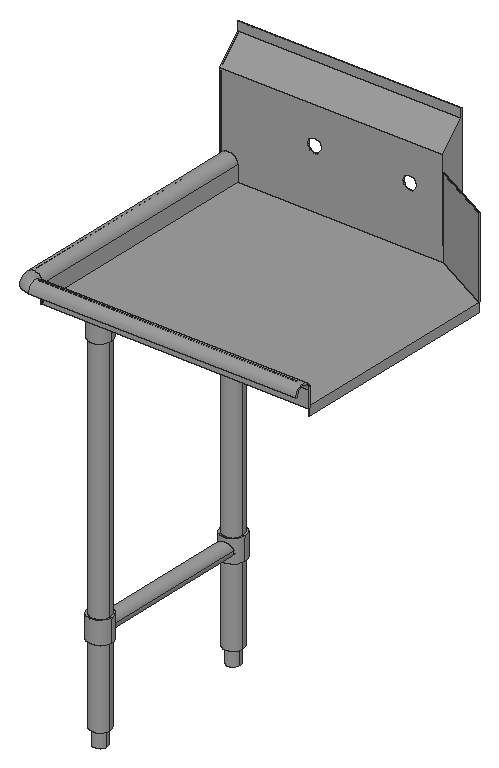
Revit family
Parameters (values of type "ByType")
  Width = 2' - 0"
  URL = "www.sspinc.net"
  Type Comments = ""
  Specification URL = " "
  Sink Rim Sides Width = 0' - 1 1/2"  # constant formula
  Sink Rim Front Width = 0' - 1 1/2"  # constant formula
  Sink Material = Metal - Steel - Stainless - Chrome
  Model Number = " "
  Model = "Clean Dish Table"
  Manufacturer = "Elkay SSP, LLC"
  Leg Dist Large = if(Length > 7' 11 7/8", 5' 0", 4' 0")  # 4' - 0"
  Leg Dist = if(Length < 6' 11 7/8", (Length - (Sink Rim Sides Width + 0' 2 1/4" + 0' 6 1/2")), Leg Dist Large)  # 1' - 1 3/4"
  Hidden Width = if(Width > 1' 0", Width, 1' 0")  # 2' - 0"
  Hidden Length = if(Length > 0' 10 1/2", Length, 0' 10 1/2")  # 2' - 0"
  Extra Leg = Length > 6' 11 7/8"  # no
  Description = "Clean Dish Table, Left"
  Length = 2' - 0"
  Backsplash Width = 0' - 2"  # constant formula
  Rim Height = 3' - 0"
  Backsplash Height = 0' - 10"
  Assembly Code = ""
Reference planes (in)
  plane 1 "Center (Front/Back)": y = -1.9375
  plane 2 "Bottom": z = -0.125
  plane 3 "Center (Left/Right)": x = -1.875
  plane 4 "Backsplash Edge Front": y = 13.25
  plane 5 "Left": x = -13.875
  plane 6 "Right": x = 10.125
  plane 7 "Back": y = 15.25
  plane 8 "Front": y = -8.75
  plane 9 "Sink Rim Top": z = 35.875
  plane 10 "Basin Edge Top": z = 33.875
  plane 11 "Backsplash Angle2": z = 43.875
  plane 12 "Backsplash Angle": z = 41.9375
  plane 13 "Backsplash Side Piece Front": y = 13.3125
  plane 14 "Backsplash Side Piece Top": z = 43.84911
  plane 15 "Backsplash Side Piece Angle": z = 41.91161
  plane 16 "Backsplash Side Piece Bottom": z = 33.875
  plane 17 "Backsplash Side Right Piece Inside Edge": x = 4.8125
  plane 18 "Backsplash Side Left Piece Inside Edge": x = -13.8125
  plane 19 "Leg Front CL": y = -4
  plane 20: z = 30.57422
  plane 21: z = 1.1875
  plane 22 "Leg Right CL": x = 3.625
  plane 23 "Leg Back CL": y = 10
  plane 24 "Sink Rim Left Inside": x = -12.375
  plane 25 "Sink Rim Right Inside": x = 8.625
  plane 26 "Sink Rim Front Inside": y = -7.25
  plane 27 "Basin Edge Top Underneath": z = 33.75
  plane 28 "Backsplash Top": z = 44.625
  plane 29 "Backsplash": y = 15.1875
  plane 30 "Sink Rim Outside Edge Bottom": z = 35.125
  plane 31 "Leg Brace CL": z = 8.8125
  plane 32: z = 9.75
  plane 33: z = 7.875
  plane 34 "Right Leg Clamp Outside Edge": x = 4.625
  plane 35 "Channel Edge Back": y = 12.5
  plane 36 "Channel Edge Front": y = -6.5
  plane 37 "Right Side Angle Left/Right": x = 4.875
  plane 38 "Right Side Angle Front/Back": y = 10.5
  plane 39 "SideSplash  Top": z = 40.625
  plane 40 "Drainboard Right Turndown Bottom": z = 33.125
  plane 41 "Drainboard Right Turndown Inside Face": x = 10
  plane 42: x = -13.3563
  plane 43 "Leg CL Left": x = -10.125
Forms (in)
  Sweep 1, solid, material "Metal - Steel - Stainless - Chrome" <- "Sink Material"
    path origin (0, 0, 35.875) x (0, -1, 0) y (1, 0, 0)
      loop
        line (8.75, 10.125) -> (8.75, -12.3125)
        arc (8.75, -12.3125) -> (8.29235, -13.41735) -> (7.1875, -13.875) r 1.5625
        line (7.1875, -13.875) -> (-13.25, -13.875)
    profile "profile-standard-rim : profile-standard-rim" origin (-13.875, 3.03125, 35.875) x (-1, 0, 0) y (0, 0, 1)
      loop
        line (-1.5, -0.75) -> (-1.5, -2.125) -> (-1.375, -2.125) -> (-1.375, -0.75)
        arc (-1.375, -0.75) -> (-0.75, -0.125) -> (-0.125, -0.75) r 0.625
        line (-0.125, -0.75) -> (0, -0.75)
        arc (0, -0.75) -> (-0.75, 0) -> (-1.5, -0.75) r 0.75
  Extrusion 2, solid, material "Metal - Steel - Stainless - Chrome" <- "Sink Material"
    sketch origin (-1.875, 0, 0) x (0, 1, 0) y (0, 0, 1)
      loop
        line (13.25, 41.9375) -> (13.25, 33.75) -> (13.3125, 33.75) -> (13.3125, 41.91161) -> (15.25, 43.84911) -> (15.25, 44.625) -> (15.1875, 44.625) -> (15.1875, 43.875) -> (13.25, 41.9375)
    from -10.5 to 6.75
  Extrusion 3, solid, material "Metal - Steel - Stainless - Chrome" <- "Sink Material"
    sketch origin (10.125, 0, 0) x (0, 1, 0) y (0, 0, 1)
      loop
        line (15.25, 43.84911) -> (13.3125, 41.91161) -> (13.3125, 35.125) -> (15.25, 35.125) -> (15.25, 43.84911)
    from -5.3125 to -5.25
  Extrusion 4, solid, material "Metal - Steel - Stainless - Chrome" <- "Sink Material"
    sketch origin (-18, 0, 0) x (0, 1, 0) y (0, 0, 1)
      loop
        line (15.25, 43.84911) -> (13.3125, 41.91161) -> (13.3125, 35.125) -> (15.25, 35.125) -> (15.25, 43.84911)
    from 4.125 to 4.1875
  Extrusion 5, void
    sketch origin (0, -1.9375, 0) x (1, 0, 0) y (0, 0, 1)
      loop
        circle (-5.875, 38.875) r 0.5625
    from -15.25 to -15.1875
  Extrusion 6, void
    sketch origin (0, -1.9375, 0) x (1, 0, 0) y (0, 0, 1)
      loop
        circle (2.125, 38.875) r 0.5625
    from -15.25 to -15.1875
  Revolve 7, solid, material "Metal - Steel - Stainless - Chrome" <- "Sink Material"
    sketch origin (0, -4, 0) x (-1, 0, 0) y (0, 0, 1)
      loop
        line (10.9375, 30.57422) -> (11.095, 30.57422) -> (11.095, 33.75) -> (10.125, 33.75) -> (10.125, -0.125) -> (10.6875, -0.125) -> (10.6875, 1.1875) -> (10.9375, 1.1875) -> (10.9375, 7.875) -> (11.125, 7.875) -> (11.125, 9.75) -> (10.9375, 9.75) -> (10.9375, 30.57422)
      axis (10.125, 33.75) -> (10.125, -0.125)
    angle from 0 to 360
  Revolve 8, solid, material "Metal - Steel - Stainless - Chrome" <- "Sink Material"
    sketch origin (0, 10, 0) x (-1, 0, 0) y (0, 0, 1)
      loop
        line (10.9375, 30.57422) -> (11.095, 30.57422) -> (11.095, 33.75) -> (10.125, 33.75) -> (10.125, -0.125) -> (10.6875, -0.125) -> (10.6875, 1.1875) -> (10.9375, 1.1875) -> (10.9375, 7.875) -> (11.125, 7.875) -> (11.125, 9.75) -> (10.9375, 9.75) -> (10.9375, 30.57422)
      axis (10.125, 33.75) -> (10.125, -0.125)
    angle from 0 to 360
  Extrusion 9, solid, material "Metal - Steel - Stainless - Chrome" <- "Sink Material"
    sketch origin (0, 0, 0) x (1, 0, 0) y (0, 1, 0)
      loop
        line (-12.375, 13.25) -> (-12.375, -7.25) -> (10.125, -7.25) -> (10.125, 10.5) -> (4.875, 13.25) -> (-12.375, 13.25)
    from 33.75 to 33.875
  Extrusion 10, solid, material "Metal - Steel - Stainless - Chrome" <- "Sink Material"
    sketch origin (-1.875, 0, 0) x (0, 1, 0) y (0, 0, 1)
      loop
        line (15.1875, 43.875) -> (13.25, 41.9375) -> (13.25, 35.125) -> (13.3125, 35.125) -> (13.3125, 41.91161) -> (15.25, 43.84911) -> (15.25, 44.625) -> (15.1875, 44.625) -> (15.1875, 43.875)
    from -12 to -10.5
  Extrusion 11, solid, material "Metal - Steel - Stainless - Chrome" <- "Sink Material"
    sketch origin (0, -1.9375, 0) x (1, 0, 0) y (0, 0, 1)
      loop
        circle (-10.125, 8.8125) r 0.625
    from -11.9375 to 2.0625
  Extrusion 12, solid, material "Metal - Steel - Stainless - Chrome" <- "Sink Material"
    sketch origin (0, 0, 33.875) x (0, -1, 0) y (1, 0, 0)
      loop
        line (-13.32056, 4.875) -> (-13.25, 4.875) -> (-10.5, 10.125) -> (-10.57056, 10.125) -> (-13.32056, 4.875)
    from 0 to 6.75
  Extrusion 13, solid, material "Metal - Steel - Stainless - Chrome" <- "Sink Material"
    sketch origin (-1.875, 0, 0) x (0, 1, 0) y (0, 0, 1)
      loop
        line (-7.25, 33.75) -> (-7.25, 33.125) -> (10.5, 33.125) -> (10.5, 33.75) -> (-7.25, 33.75)
    from 11.875 to 12
  Revolve 14, solid, material "Metal - Steel - Stainless - Chrome" <- "Sink Material", visible <- "Extra Leg"
    sketch origin (48, -4, 0) x (-1, 0, 0) y (0, 0, 1)
      loop
        line (45.1875, 30.57422) -> (45.345, 30.57422) -> (45.345, 33.75) -> (44.375, 33.75) -> (44.375, -0.125) -> (44.9375, -0.125) -> (44.9375, 1.1875) -> (45.1875, 1.1875) -> (45.1875, 7.875) -> (45.375, 7.875) -> (45.375, 9.75) -> (45.1875, 9.75) -> (45.1875, 30.57422)
      axis (44.375, 33.75) -> (44.375, -0.125)
    angle from 0 to 360
  Revolve 15, solid, material "Metal - Steel - Stainless - Chrome" <- "Sink Material", visible <- "Extra Leg"
    sketch origin (48, 10, 0) x (-1, 0, 0) y (0, 0, 1)
      loop
        line (45.1875, 30.57422) -> (45.345, 30.57422) -> (45.345, 33.75) -> (44.375, 33.75) -> (44.375, -0.125) -> (44.9375, -0.125) -> (44.9375, 1.1875) -> (45.1875, 1.1875) -> (45.1875, 7.875) -> (45.375, 7.875) -> (45.375, 9.75) -> (45.1875, 9.75) -> (45.1875, 30.57422)
      axis (44.375, 33.75) -> (44.375, -0.125)
    angle from 0 to 360
  Extrusion 16, solid, material "Metal - Steel - Stainless - Chrome" <- "Sink Material", visible <- "Extra Leg"
    sketch origin (48, -1.9375, 0) x (1, 0, 0) y (0, 0, 1)
      loop
        circle (-44.375, 8.8125) r 0.625
    from -11.9375 to 2.0625
Cuts and joins
  Extrusion 5, Extrusion 6 cuts Extrusion 2
  joined: Extrusion 2, Extrusion 3, Extrusion 4, Extrusion 10, Extrusion 12
  joined: Extrusion 9, Extrusion 13
  joined: Revolve 7, Extrusion 11
  joined: Revolve 14, Extrusion 16
Lines and regions (in)
  Masking region 1
    outline origin (0, 0, 0) x (1, 0, 0) y (0, 1, 0)
      loop
        line (-13.875, 15.25) -> (-13.875, -7.25)
        arc (-13.875, -7.25) -> (-13.43566, -8.31066) -> (-12.375, -8.75) r 1.5
        line (-12.375, -8.75) -> (10.125, -8.75) -> (10.125, 10.57056) -> (4.875, 13.32056) -> (4.875, 15.25) -> (-13.875, 15.25)
  reference lines
    curve 1: line (-10.125, 10, 29.75) -> (-10.125, 10, 0)
    curve 5: arc (-12.375, -8.75, 0) -> (-13.43566, -8.31066, 0) -> (-13.875, -7.25, 0) r 1.5
    curve 6: arc (10.125, -7.25, 0) -> (9.68566, -8.31066, 0) -> (8.625, -8.75, 0) r 1.5
    curve 7: arc (3.375, 8.1875, 0) -> (3.90533, 7.96783, 0) -> (4.125, 7.4375, 0) r 0.75
    curve 8: arc (4.125, -5.3125, 0) -> (3.90533, -5.84283, 0) -> (3.375, -6.0625, 0) r 0.75
    curve 9: arc (-3.375, -6.0625, 0) -> (-3.90533, -5.84283, 0) -> (-4.125, -5.3125, 0) r 0.75
    curve 10: arc (-4.125, 7.4375, 0) -> (-3.90533, 7.96783, 0) -> (-3.375, 8.1875, 0) r 0.75
    curve 11: arc (-3.4375, 7.4375, 0) -> (-3.41919, 7.48169, 0) -> (-3.375, 7.5, 0) r 0.0625
    curve 12: arc (3.375, 7.5, 0) -> (3.41919, 7.48169, 0) -> (3.4375, 7.4375, 0) r 0.0625
    curve 13: arc (3.4375, -5.3125, 0) -> (3.41919, -5.35669, 0) -> (3.375, -5.375, 0) r 0.0625
    curve 14: arc (-3.375, -5.375, 0) -> (-3.41919, -5.35669, 0) -> (-3.4375, -5.3125, 0) r 0.0625
    curve 15: line (4.875, 13.25, 33.875) -> (10.125, 10.5, 33.875)
    curve 16: line (4.904, 13.30536, 33.875) -> (10.154, 10.55536, 33.875)
  symbolic lines
    curve 2: line (-13.875, 13.25, 0) -> (4.875, 13.25, 0)
    curve 3: line (-12.375, 13.25, 0) -> (-12.375, -7.25, 0)
    curve 4: line (-12.375, -7.25, 0) -> (10.125, -7.25, 0)
    curve 17: line (4.875, 15.25, 33.875) -> (4.875, 13.25, 33.875)
Dimensions and locks (in)
  "Hidden Length": plane 5 "Left" to plane 6 "Right"
  "Backsplash Width": plane 7 "Back" to plane 4 "Backsplash Edge Front"
  "Hidden Width": plane 7 "Back" to plane 8 "Front"
  "Rim Height": plane 9 "Sink Rim Top" to plane 2 "Bottom"
  locked: plane 9 "Sink Rim Top" to plane 10 "Basin Edge Top" at 2
  "Backsplash Height": plane 11 "Backsplash Angle2" to plane 10 "Basin Edge Top"
  locked: plane 11 "Backsplash Angle2" to plane 12 "Backsplash Angle" at 1.9375
  locked: plane 11 "Backsplash Angle2" to plane 14 "Backsplash Side Piece Top" at 0.02589
  locked: plane 4 "Backsplash Edge Front" to plane 13 "Backsplash Side Piece Front" at 0.0625
  locked: plane 12 "Backsplash Angle" to plane 15 "Backsplash Side Piece Angle" at 0.02589
  locked: plane 17 "Backsplash Side Right Piece Inside Edge" to plane 37 "Right Side Angle Left/Right" at 0.0625
  locked: plane 5 "Left" to plane 18 "Backsplash Side Left Piece Inside Edge" at 0.0625
  locked: plane 9 "Sink Rim Top" to plane 16 "Backsplash Side Piece Bottom" at 2
  locked: plane 19 "Leg Front CL" to plane 26 "Sink Rim Front Inside" at 3.25
  locked: plane 27 "Basin Edge Top Underneath" to plane 20 at 3.17578
  locked: plane 21 to plane 2 "Bottom" at 1.3125
  locked: plane 4 "Backsplash Edge Front" to plane 23 "Leg Back CL" at 3.25
  "Sink Rim Sides Width": plane 5 "Left" to plane 24 "Sink Rim Left Inside"
  "Sink Rim Sides Width": plane 25 "Sink Rim Right Inside" to plane 6 "Right"
  "Sink Rim Front Width": plane 26 "Sink Rim Front Inside" to plane 8 "Front"
  locked: plane 27 "Basin Edge Top Underneath" to plane 10 "Basin Edge Top" at 0.125
  locked: plane 28 "Backsplash Top" to plane 11 "Backsplash Angle2" at 0.75
  locked: plane 29 "Backsplash" to plane 7 "Back" at 0.0625
  locked: plane 5 "Left" to nested 1 at 6
  locked: plane 7 "Back" to nested 1 at 0.875
  locked: plane 9 "Sink Rim Top" to plane 30 "Sink Rim Outside Edge Bottom" at 0.75
  locked: plane 31 "Leg Brace CL" to plane 2 "Bottom" at 8.9375
  plane 32 to plane 31 "Leg Brace CL" to plane 33 = 0' - 0 15/16" locked, 0' - 0 15/16" locked
  locked: plane 34 "Right Leg Clamp Outside Edge" to plane 22 "Leg Right CL" at 1
  locked: plane 4 "Backsplash Edge Front" to plane 35 "Channel Edge Back" at 0.75
  locked: plane 36 "Channel Edge Front" to plane 26 "Sink Rim Front Inside" at 0.75
  locked: plane 37 "Right Side Angle Left/Right" to plane 6 "Right" at 5.25
  locked: plane 7 "Back" to plane 38 "Right Side Angle Front/Back" at 4.75
  locked: curve 15 to curve 16 at 0.0625
  locked: plane 12 "Backsplash Angle" to plane 39 "SideSplash  Top" at 1.3125
  locked: plane 10 "Basin Edge Top" to plane 40 "Drainboard Right Turndown Bottom" at 0.75
  locked: plane 41 "Drainboard Right Turndown Inside Face" to plane 6 "Right" at 0.125
  equal spacing: plane 5 "Left", plane 3 "Center (Left/Right)", plane 6 "Right"
  locked: plane 24 "Sink Rim Left Inside" to plane 43 "Leg CL Left" at 2.25
  "Leg Dist": plane 43 "Leg CL Left" to plane 22 "Leg Right CL"
  aligned and locked: Extrusion 2 sketch curve to plane 7 "Back"
  aligned and locked: Extrusion 2 sketch curve to plane 4 "Backsplash Edge Front"
  aligned: plane 6 "Right" to Extrusion 2
  aligned: Extrusion 2 to plane 5 "Left"
  aligned and locked: plane 7 "Back" to Extrusion 3 sketch curve
  aligned and locked: Extrusion 3 sketch curve to plane 13 "Backsplash Side Piece Front"
  aligned and locked: Extrusion 3 to plane 17 "Backsplash Side Right Piece Inside Edge"
  aligned: plane 6 "Right" to Extrusion 3
  aligned and locked: Extrusion 4 sketch curve to plane 7 "Back"
  aligned and locked: plane 13 "Backsplash Side Piece Front" to Extrusion 4 sketch curve
  aligned and locked: plane 18 "Backsplash Side Left Piece Inside Edge" to Extrusion 4
  aligned and locked: Extrusion 4 to plane 5 "Left"
  aligned and locked: plane 13 "Backsplash Side Piece Front" to Extrusion 6
  aligned and locked: Extrusion 6 to plane 4 "Backsplash Edge Front"
  aligned and locked: plane 13 "Backsplash Side Piece Front" to Extrusion 5
  aligned and locked: Extrusion 5 to plane 4 "Backsplash Edge Front"
  aligned and locked: plane 2 "Bottom" to Revolve 8 sketch curve  (x2)
  aligned and locked: plane 5 "Left" to Masking region 1 sketch curve
  aligned and locked: Masking region 1 sketch curve to plane 6 "Right"
  aligned and locked: plane 8 "Front" to Masking region 1 sketch curve
  aligned and locked: plane 24 "Sink Rim Left Inside" to Extrusion 9 sketch curve
  aligned and locked: plane 26 "Sink Rim Front Inside" to Extrusion 9 sketch curve
  aligned and locked: Extrusion 9 sketch curve to plane 4 "Backsplash Edge Front"
  aligned and locked: plane 10 "Basin Edge Top" to Extrusion 9
  aligned and locked: plane 27 "Basin Edge Top Underneath" to Extrusion 9
  aligned and locked: plane 4 "Backsplash Edge Front" to Sweep 1 sketch curve
  aligned and locked: plane 27 "Basin Edge Top Underneath" to Extrusion 2 sketch curve
  aligned and locked: plane 4 "Backsplash Edge Front" to curve 3
  aligned and locked: Masking region 1 sketch curve to plane 7 "Back"
  aligned and locked: curve 2 to plane 4 "Backsplash Edge Front"
  aligned and locked: Extrusion 10 sketch curve to plane 28 "Backsplash Top"
  aligned and locked: Extrusion 10 sketch curve to plane 29 "Backsplash"
  aligned and locked: Extrusion 10 sketch curve to plane 7 "Back"
  aligned and locked: Extrusion 10 sketch curve to plane 4 "Backsplash Edge Front"
  aligned and locked: Extrusion 10 sketch curve to plane 13 "Backsplash Side Piece Front"
  aligned and locked: plane 30 "Sink Rim Outside Edge Bottom" to Extrusion 3 sketch curve
  aligned and locked: plane 30 "Sink Rim Outside Edge Bottom" to Extrusion 4 sketch curve
  aligned and locked: plane 30 "Sink Rim Outside Edge Bottom" to Extrusion 10 sketch curve
  aligned and locked: Extrusion 10 to plane 5 "Left"
  aligned and locked: plane 24 "Sink Rim Left Inside" to Extrusion 10
  aligned: plane 25 "Sink Rim Right Inside" to cut or joined group of Extrusion 2, Extrusion 3, Extrusion 4, Extrusion 5, Extrusion 6, Extrusion 10, Extrusion 12
  aligned and locked: cut or joined group of Extrusion 2, Extrusion 3, Extrusion 4, Extrusion 5, Extrusion 6, Extrusion 10, Extrusion 12 to plane 24 "Sink Rim Left Inside"
  aligned and locked: Revolve 7 sketch curve to plane 27 "Basin Edge Top Underneath"
  aligned and locked: plane 32 to Revolve 7 sketch curve
  aligned and locked: plane 33 to Revolve 7 sketch curve
  aligned and locked: Revolve 8 sketch curve to plane 32
  aligned and locked: Revolve 8 sketch curve to plane 33
  aligned and locked: plane 23 "Leg Back CL" to Extrusion 11
  aligned and locked: Extrusion 11 to plane 19 "Leg Front CL"
  aligned and locked: plane 6 "Right" to Sweep 1 sketch curve
  aligned and locked: Extrusion 9 sketch curve to plane 6 "Right"
  aligned and locked: plane 37 "Right Side Angle Left/Right" to cut or joined group of Extrusion 2, Extrusion 3, Extrusion 4, Extrusion 5, Extrusion 6, Extrusion 10, Extrusion 12  (x2)
  aligned and locked: Extrusion 12 sketch curve to plane 6 "Right"
  aligned and locked: plane 37 "Right Side Angle Left/Right" to Extrusion 12 sketch curve
  aligned and locked: Extrusion 12 sketch curve to curve 15
  aligned and locked: Extrusion 12 sketch curve to curve 16
  aligned and locked: Extrusion 12 to plane 39 "SideSplash  Top"
  aligned and locked: Extrusion 12 to plane 10 "Basin Edge Top"
  aligned and locked: plane 40 "Drainboard Right Turndown Bottom" to Extrusion 13 sketch curve
  aligned and locked: Extrusion 13 sketch curve to plane 38 "Right Side Angle Front/Back"
  aligned and locked: plane 26 "Sink Rim Front Inside" to Extrusion 13 sketch curve
  aligned and locked: plane 27 "Basin Edge Top Underneath" to Extrusion 13 sketch curve
  aligned and locked: plane 6 "Right" to Extrusion 13
  aligned and locked: Extrusion 13 to plane 41 "Drainboard Right Turndown Inside Face"
  aligned and locked: Masking region 1 sketch curve to plane 37 "Right Side Angle Left/Right"
  aligned and locked: Masking region 1 sketch curve to curve 16
  aligned and locked: plane 6 "Right" to curve 4
  aligned and locked: Revolve 14 sketch curve to plane 22 "Leg Right CL"
  aligned and locked: plane 20 to Revolve 14 sketch curve
  aligned and locked: Revolve 14 sketch curve to plane 33
  aligned and locked: Revolve 14 sketch curve to plane 32
  aligned and locked: plane 21 to Revolve 14 sketch curve
  aligned and locked: Revolve 14 sketch curve to plane 2 "Bottom"
  aligned and locked: plane 2 "Bottom" to Revolve 14 sketch curve
  aligned and locked: plane 27 "Basin Edge Top Underneath" to Revolve 14 sketch curve
  aligned and locked: Revolve 15 sketch curve to plane 27 "Basin Edge Top Underneath"
  aligned and locked: Revolve 15 sketch curve to plane 20
  aligned and locked: plane 27 "Basin Edge Top Underneath" to Revolve 15 sketch curve
  aligned and locked: Revolve 15 sketch curve to plane 32
  aligned and locked: Revolve 15 sketch curve to plane 33
  aligned and locked: plane 2 "Bottom" to Revolve 15 sketch curve  (x2)
  aligned and locked: Extrusion 16 to plane 19 "Leg Front CL"
  aligned and locked: plane 23 "Leg Back CL" to Extrusion 16
  aligned and locked: plane 27 "Basin Edge Top Underneath" to Revolve 7 sketch curve
  aligned and locked: Revolve 7 sketch curve to plane 2 "Bottom"
  aligned and locked: plane 2 "Bottom" to Revolve 7 sketch curve
  aligned and locked: plane 21 to Revolve 7 sketch curve
  aligned and locked: plane 20 to Revolve 7 sketch curve
  aligned and locked: Revolve 8 sketch curve to plane 21
  aligned and locked: Revolve 8 sketch curve to plane 20
  aligned and locked: Revolve 8 sketch curve to plane 27 "Basin Edge Top Underneath"
  aligned and locked: plane 27 "Basin Edge Top Underneath" to Revolve 8 sketch curve
  aligned and locked: plane 22 "Leg Right CL" to Revolve 15 sketch curve
  aligned and locked: plane 43 "Leg CL Left" to Revolve 8 sketch curve
  aligned and locked: Revolve 7 sketch curve to plane 43 "Leg CL Left"
Automatic sketch dimensions
  curve 2 to plane 5 "Left" = 0' - 0"
  curve 3 to plane 24 "Sink Rim Left Inside" = 0' - 0"
  curve 2 to plane 37 "Right Side Angle Left/Right" = 0' - 0"
  curve 4 to plane 26 "Sink Rim Front Inside" = 0' - 0"
  curve 7 to curve 12 = 0' - 0"  (x2)
  curve 8 to curve 13 = 0' - 0"  (x2)
  curve 9 to curve 14 = 0' - 0"  (x2)
  curve 10 to curve 11 = 0' - 0"  (x2)
  curve 5 to plane 5 "Left" = 0' - 0"
  curve 5 to plane 8 "Front" = 0' - 0"
  curve 5 to plane 24 "Sink Rim Left Inside" = 0' - 0"
  curve 6 to plane 8 "Front" = 0' - 0"
  curve 6 to plane 25 "Sink Rim Right Inside" = 0' - 0"
  curve 6 to plane 6 "Right" = 0' - 0"
  curve 10 to plane 23 "Leg Back CL" = 0' - 2 9/16"
  plane 24 "Sink Rim Left Inside" to curve 10 = 0' - 8 1/4"
  plane 36 "Channel Edge Front" to curve 9 = 0' - 1 3/16"
  plane 24 "Sink Rim Left Inside" to curve 9 = 0' - 8 1/4"
  curve 9 to curve 14 = 0' - 0 11/16"
  curve 10 to curve 11 = 0' - 0 11/16"
  curve 11 to curve 11 = 0' - 0 1/16"
  curve 14 to curve 14 = 0' - 0 1/16"
  curve 12 to plane 17 "Backsplash Side Right Piece Inside Edge" = 0' - 1 7/16"
  curve 8 to plane 17 "Backsplash Side Right Piece Inside Edge" = 0' - 1 7/16"
  curve 8 to curve 13 = 0' - 0 1/16"
  curve 7 to curve 12 = 0' - 0 1/16"
  curve 7 to plane 17 "Backsplash Side Right Piece Inside Edge" = 0' - 0 11/16"
  curve 8 to plane 17 "Backsplash Side Right Piece Inside Edge" = 0' - 0 11/16"
  plane 36 "Channel Edge Front" to curve 8 = 0' - 0 7/16"
  curve 7 to plane 23 "Leg Back CL" = 0' - 2 9/16"
  Sweep 1 sketch curve to plane 5 "Left" = 0' - 0"
  Sweep 1 sketch curve to plane 8 "Front" = 0' - 0"
  plane 26 "Sink Rim Front Inside" to Sweep 1 sketch curve = 0' - 0 1/16"
  Extrusion 2 sketch curve to plane 13 "Backsplash Side Piece Front" = 0' - 0"
  Extrusion 2 sketch curve to plane 28 "Backsplash Top" = 0' - 0"
  Extrusion 2 sketch curve to plane 29 "Backsplash" = 0' - 0"
  Extrusion 2 sketch curve to plane 15 "Backsplash Side Piece Angle" = 0' - 0"
  Extrusion 2 sketch curve to plane 12 "Backsplash Angle" = 0' - 0"
  plane 14 "Backsplash Side Piece Top" to Extrusion 2 sketch curve = 0' - 0"
  Extrusion 2 sketch curve to plane 11 "Backsplash Angle2" = 0' - 0"
  Extrusion 3 sketch curve to plane 15 "Backsplash Side Piece Angle" = 0' - 0"
  plane 14 "Backsplash Side Piece Top" to Extrusion 3 sketch curve = 0' - 0"
  Extrusion 4 sketch curve to plane 15 "Backsplash Side Piece Angle" = 0' - 0"
  plane 14 "Backsplash Side Piece Top" to Extrusion 4 sketch curve = 0' - 0"
  plane 39 "SideSplash  Top" to Extrusion 5 sketch curve = 0' - 1 3/4"
  Extrusion 5 sketch curve to plane 3 "Center (Left/Right)" = 0' - 4"
  plane 39 "SideSplash  Top" to Extrusion 6 sketch curve = 0' - 1 3/4"
  plane 3 "Center (Left/Right)" to Extrusion 6 sketch curve = 0' - 4"
  plane 24 "Sink Rim Left Inside" to Revolve 7 sketch curve = 0' - 2 1/4"
  Revolve 7 sketch curve to Revolve 7 sketch curve = 0' - 0 9/16"
  plane 24 "Sink Rim Left Inside" to Revolve 7 sketch curve = 0' - 1 7/16"
  Revolve 7 sketch curve to Revolve 7 sketch curve = 0' - 0 13/16"
  Revolve 7 sketch curve to Revolve 7 sketch curve = 0' - 0.97"
  Revolve 7 sketch curve to Revolve 7 sketch curve = 0' - 0 3/16"
  curve 1 to level = 0' - 0"
  plane 24 "Sink Rim Left Inside" to curve 1 = 0' - 2 1/4"
  curve 1 to plane 20 = 0' - 0 211/256"
  Revolve 8 sketch curve to Revolve 8 sketch curve = 0' - 0"
  Revolve 8 sketch curve to Revolve 8 sketch curve = 0' - 0 9/16"
  plane 24 "Sink Rim Left Inside" to Revolve 8 sketch curve = 0' - 1 7/16"
  Revolve 8 sketch curve to Revolve 8 sketch curve = 0' - 0 1/4"
  Revolve 8 sketch curve to Revolve 8 sketch curve = 0' - 0.97"
  Revolve 8 sketch curve to Revolve 8 sketch curve = 0' - 0 3/16"
  Masking region 1 sketch curve to plane 24 "Sink Rim Left Inside" = 0' - 0"
  Extrusion 9 sketch curve to plane 37 "Right Side Angle Left/Right" = 0' - 0"
  plane 38 "Right Side Angle Front/Back" to Extrusion 9 sketch curve = 0' - 0"
  Extrusion 10 sketch curve to plane 15 "Backsplash Side Piece Angle" = 0' - 0"
  Extrusion 10 sketch curve to plane 12 "Backsplash Angle" = 0' - 0"
  plane 14 "Backsplash Side Piece Top" to Extrusion 10 sketch curve = 0' - 0"
  Extrusion 10 sketch curve to plane 11 "Backsplash Angle2" = 0' - 0"
  curve 15 to plane 4 "Backsplash Edge Front" = 0' - 0"
  curve 15 to plane 6 "Right" = 0' - 0"
  plane 38 "Right Side Angle Front/Back" to curve 15 = 0' - 0"
  curve 15 to plane 37 "Right Side Angle Left/Right" = 0' - 0"
  curve 16 to plane 13 "Backsplash Side Piece Front" = 0' - 0.00714"
  plane 6 "Right" to curve 16 = 0' - 0.029"
  curve 17 to plane 7 "Back" = 0' - 0"
  curve 17 to plane 4 "Backsplash Edge Front" = 0' - 0"
  curve 17 to plane 37 "Right Side Angle Left/Right" = 0' - 0"
  Revolve 14 sketch curve to plane 22 "Leg Right CL" = 0' - 0"
  Revolve 14 sketch curve to plane 27 "Basin Edge Top Underneath" = 0' - 0"
  Revolve 14 sketch curve to Revolve 14 sketch curve = 0' - 0 9/16"
  Revolve 14 sketch curve to plane 22 "Leg Right CL" = 0' - 0 13/16"  (x2)
  Revolve 14 sketch curve to Revolve 14 sketch curve = 0' - 0.97"
  Revolve 14 sketch curve to Revolve 14 sketch curve = 0' - 0 3/16"
  Revolve 15 sketch curve to plane 21 = 0' - 0"
  Revolve 15 sketch curve to plane 22 "Leg Right CL" = 0' - 0 9/16"
  Revolve 15 sketch curve to plane 22 "Leg Right CL" = 0' - 0 13/16"
  Revolve 15 sketch curve to Revolve 15 sketch curve = 0' - 0 1/4"
  Revolve 15 sketch curve to Revolve 15 sketch curve = 0' - 0.97"
  Revolve 15 sketch curve to Revolve 15 sketch curve = 0' - 0 3/16"
  Extrusion 16 sketch curve to plane 22 "Leg Right CL" = 0' - 0"
  Extrusion 16 sketch curve to plane 31 "Leg Brace CL" = 0' - 0"
  Revolve 15 sketch curve to Revolve 15 sketch curve = 0' - 0"
  Extrusion 11 sketch curve to plane 31 "Leg Brace CL" = 0' - 0"
  Extrusion 11 sketch curve to plane 43 "Leg CL Left" = 0' - 0"
  radius of Extrusion 5 sketch curve = 0' - 0 9/16"
  radius of Extrusion 6 sketch curve = 0' - 0 9/16"
  radius of Extrusion 16 sketch curve = 0' - 0 5/8"
  radius of Extrusion 11 sketch curve = 0' - 0 5/8"
Nested families (in)
  nested 1: "logo-elkay-ssp-detail" at (-7.875, 14.375, 0), type "logo-elkay-ssp-detail"
Definition of nested family "logo-elkay-ssp-detail"
  Reference planes (in)
    plane 1 "Center (Front/Back)": y = 0
    plane 2: z = 0
    plane 3 "Center (Left/Right)": x = 0
  Lines and regions (in)
    model lines, style "Light Lines", in view "Ref. Level"
      curve 1: line (-3.32285, -0.06136, 0) -> (-4.06065, -0.06136, 0)
      curve 2: line (-4.06065, -0.06136, 0) -> (-4.1052, -0.25903, 0)
      curve 3: line (-4.1052, -0.25903, 0) -> (-3.21308, -0.25903, 0)
      curve 4: line (-3.21308, -0.25903, 0) -> (-3.24121, -0.38381, 0)
      curve 5: line (-3.24121, -0.38381, 0) -> (-4.38592, -0.38381, 0)
      curve 6: line (-4.38592, -0.38381, 0) -> (-4.2221, 0.37099, 0)
      curve 7: line (-4.2221, 0.37099, 0) -> (-3.14692, 0.37099, 0)
      curve 8: line (-3.14692, 0.37099, 0) -> (-3.17697, 0.23769, 0)
      curve 9: line (-3.17697, 0.23769, 0) -> (-3.99255, 0.23769, 0)
      curve 10: line (-3.99255, 0.23769, 0) -> (-4.0323, 0.06136, 0)
      curve 11: line (-4.0323, 0.06136, 0) -> (-3.29519, 0.06136, 0)
      curve 12: line (-3.29519, 0.06136, 0) -> (-3.32285, -0.06136, 0)
      curve 13: line (-2.6687, 0.37099, 0) -> (-2.81391, -0.25903, 0)
      curve 14: line (-2.81391, -0.25903, 0) -> (-2.05871, -0.25903, 0)
      curve 15: line (-2.05871, -0.25903, 0) -> (-2.08684, -0.38381, 0)
      curve 16: line (-2.08684, -0.38381, 0) -> (-3.09595, -0.38381, 0)
      curve 17: line (-3.09595, -0.38381, 0) -> (-2.93213, 0.37099, 0)
      curve 18: line (-2.93213, 0.37099, 0) -> (-2.6687, 0.37099, 0)
      curve 19: line (-0.64402, 0.37099, 0) -> (-0.90842, 0.37099, 0)
      curve 20: line (-0.90842, 0.37099, 0) -> (-1.67841, -0.0469, 0)
      curve 21: line (-1.67841, -0.0469, 0) -> (-1.57913, 0.37099, 0)
      curve 22: line (-1.57913, 0.37099, 0) -> (-1.84806, 0.37099, 0)
      curve 23: line (-1.84806, 0.37099, 0) -> (-2.01188, -0.38381, 0)
      curve 24: line (-2.01188, -0.38381, 0) -> (-1.7563, -0.38381, 0)
      curve 25: line (-1.7563, -0.38381, 0) -> (-1.71799, -0.21251, 0)
      curve 26: line (-1.71799, -0.21251, 0) -> (-1.43517, -0.06668, 0)
      curve 27: line (-1.43517, -0.06668, 0) -> (-1.0752, -0.38302, 0)
      curve 28: line (-1.0752, -0.38302, 0) -> (-0.71907, -0.38302, 0)
      curve 29: line (-0.71907, -0.38302, 0) -> (-1.21254, 0.0523, 0)
      curve 30: line (-1.21254, 0.0523, 0) -> (-0.64912, 0.37099, 0)
      curve 31: line (0.08918, 0.26288, 0) -> (0.26729, -0.08711, 0)
      curve 32: line (0.26729, -0.08711, 0) -> (-0.20629, -0.08711, 0)
      curve 33: line (-0.20629, -0.08711, 0) -> (0.08918, 0.26288, 0)
      curve 34: line (0.34973, -0.25251, 0) -> (0.4165, -0.38302, 0)
      curve 35: line (0.4165, -0.38302, 0) -> (0.70132, -0.38302, 0)
      curve 36: line (0.70132, -0.38302, 0) -> (0.33383, 0.37099, 0)
      curve 37: line (0.33383, 0.37099, 0) -> (0.0006, 0.37099, 0)
      curve 38: line (0.0006, 0.37099, 0) -> (-0.67302, -0.38302, 0)
      curve 39: line (-0.67302, -0.38302, 0) -> (-0.46788, -0.38302, 0)
      curve 40: line (-0.46788, -0.38302, 0) -> (-0.3476, -0.25251, 0)
      curve 41: line (-0.3476, -0.25251, 0) -> (0.34973, -0.25251, 0)
      curve 42: line (0.56187, 0.37099, 0) -> (0.87618, 0.37099, 0)
      curve 43: line (0.87618, 0.37099, 0) -> (1.20045, 0.00137, 0)
      curve 44: line (1.20045, 0.00137, 0) -> (1.65515, 0.37099, 0)
      curve 45: line (1.65515, 0.37099, 0) -> (1.84822, 0.37099, 0)
      curve 46: line (1.84822, 0.37099, 0) -> (1.2574, -0.11624, 0)
      curve 47: line (0.57295, 0.37099, 0) -> (1.00835, -0.11016, 0)
      curve 48: line (1.00835, -0.11016, 0) -> (0.94407, -0.38302, 0)
      curve 49: line (0.94407, -0.38302, 0) -> (1.19982, -0.38302, 0)
      curve 50: line (1.19982, -0.38302, 0) -> (1.2574, -0.11624, 0)
      curve 51: arc (2.52563, -0.41963, 0) -> (2.55578, -0.40042, 0) -> (2.5511, -0.36497, 0) r 0.03326
      curve 52: arc (2.46024, 0.37099, 0) -> (2.23746, 0.22901, 0) -> (2.27207, -0.03289, 0) r 0.24577
      curve 53: arc (3.26518, 0.1338, 0) -> (3.22745, 0.10965, 0) -> (3.23358, 0.06528, 0) r 0.04155
      curve 54: arc (3.33528, -0.6502, 0) -> (3.54975, -0.51639, 0) -> (3.51615, -0.26584, 0) r 0.23308
      curve 55: arc (3.29628, -0.70696, 0) -> (3.41982, -0.6722, 0) -> (3.50727, -0.57827, 0) r 0.23766
      curve 56: arc (3.2186, -0.41963, 0) -> (3.25205, -0.39818, 0) -> (3.24651, -0.35884, 0) r 0.03681
      curve 57: arc (3.15289, 0.37099, 0) -> (2.93027, 0.22824, 0) -> (2.96709, -0.03364, 0) r 0.24497
      curve 58: arc (2.633, -0.64933, 0) -> (2.85307, -0.50732, 0) -> (2.81371, -0.24838, 0) r 0.24106
      curve 59: arc (2.57187, 0.13545, 0) -> (2.53153, 0.10936, 0) -> (2.53876, 0.06187, 0) r 0.04424
      curve 60: arc (2.55732, 0.07873, 0) -> (2.54756, 0.0776, 0) -> (2.53831, 0.07426, 0) r 0.04262
      curve 61: arc (2.92714, 0.22115, 0) -> (2.87312, 0.06226, 0) -> (2.93286, -0.09457, 0) r 0.24753
      curve 62: arc (2.23855, 0.23132, 0) -> (2.17681, 0.0715, 0) -> (2.23443, -0.08985, 0) r 0.24592
      curve 63: arc (3.88486, -0.44269, 0) -> (4.12885, -0.30718, 0) -> (4.32958, -0.11327, 0) r 1.0718
      curve 64: arc (4.32958, -0.11327, 0) -> (4.38535, 0.16386, 0) -> (4.19297, 0.37099, 0) r 0.30993
      curve 65: arc (3.88486, -0.48319, 0) -> (4.13375, -0.33012, 0) -> (4.32958, -0.11327, 0) r 1.02892
      curve 66: arc (4.32958, -0.11327, 0) -> (4.38773, 0.0419, 0) -> (4.36981, 0.20663, 0) r 0.35813
      curve 67: arc (3.97545, 0.1338, 0) -> (4.02101, 0.1288, 0) -> (4.0644, 0.11404, 0) r 0.21001
      curve 68: arc (4.0644, 0.11404, 0) -> (4.10051, 0.07497, 0) -> (4.09899, 0.0218, 0) r 0.07042
      curve 69: arc (4.09899, 0.0218, 0) -> (4.08251, -0.0082, 0) -> (4.06114, -0.03492, 0) r 0.19865
      curve 70: arc (4.06114, -0.03492, 0) -> (3.97859, -0.10823, 0) -> (3.88498, -0.16674, 0) r 0.65976
      curve 71: arc (3.93761, 0.07708, 0) -> (3.98316, 0.07208, 0) -> (4.02655, 0.05732, 0) r 0.21001
      curve 72: arc (4.02655, 0.05732, 0) -> (4.05187, 0.03848, 0) -> (4.06773, 0.0112, 0) r 0.07853
      curve 73: arc (4.06773, 0.0112, 0) -> (4.06991, -0.01264, 0) -> (4.06114, -0.03492, 0) r 0.05183
      curve 74: line (2.57187, 0.13545, 0) -> (2.84882, 0.13545, 0)
      curve 75: line (2.84882, 0.13545, 0) -> (2.77849, 0.37099, 0)
      curve 76: line (2.77849, 0.37099, 0) -> (2.46024, 0.37099, 0)
      curve 77: line (2.27207, -0.03289, 0) -> (2.5511, -0.36497, 0)
      curve 78: line (3.34243, -0.6502, 0) -> (2.02856, -0.6502, 0)
      curve 79: line (2.02856, -0.6502, 0) -> (1.96102, -0.41963, 0)
      curve 80: line (1.96102, -0.41963, 0) -> (2.52563, -0.41963, 0)
      curve 81: line (1.97764, -0.47635, 0) -> (1.92318, -0.47635, 0)
      curve 82: line (1.92318, -0.47635, 0) -> (1.99066, -0.70813, 0)
      curve 83: line (1.99066, -0.70813, 0) -> (3.29628, -0.70813, 0)
      curve 84: line (3.88486, -0.44269, 0) -> (3.88486, -0.65187, 0)
      curve 85: line (3.88486, -0.65187, 0) -> (3.62132, -0.65187, 0)
      curve 86: line (3.62132, -0.65187, 0) -> (3.62132, 0.1338, 0)
      curve 87: line (3.62132, 0.1338, 0) -> (3.26518, 0.1338, 0)
      curve 88: line (3.84701, -0.65187, 0) -> (3.84701, -0.70859, 0)
      curve 89: line (3.84701, -0.70859, 0) -> (3.58348, -0.70859, 0)
      curve 90: line (3.58348, -0.70859, 0) -> (3.58348, 0.07708, 0)
      curve 91: line (3.58348, 0.07708, 0) -> (3.2265, 0.07708, 0)
      curve 92: line (3.97545, 0.1338, 0) -> (3.88498, 0.1338, 0)
      curve 93: line (3.88498, 0.1338, 0) -> (3.88498, -0.16674, 0)
      curve 94: line (3.15289, 0.37099, 0) -> (4.19297, 0.37099, 0)
      curve 95: line (2.79404, 0.13545, 0) -> (2.81098, 0.07873, 0)
      curve 96: line (2.81098, 0.07873, 0) -> (2.55732, 0.07873, 0)
      curve 97: line (2.8741, -0.41963, 0) -> (3.2186, -0.41963, 0)
      curve 98: line (3.23358, 0.06528, 0) -> (3.53073, -0.28292, 0)
      curve 99: line (2.96709, -0.03364, 0) -> (3.24651, -0.35884, 0)
      curve 100: line (2.53876, 0.06187, 0) -> (2.81371, -0.24838, 0)
      curve 101: line (2.93286, -0.09457, 0) -> (3.21217, -0.41963, 0)
      curve 102: line (2.23443, -0.08985, 0) -> (2.51152, -0.41963, 0)
      curve 103: line (3.88498, 0.07708, 0) -> (3.93761, 0.07708, 0)
